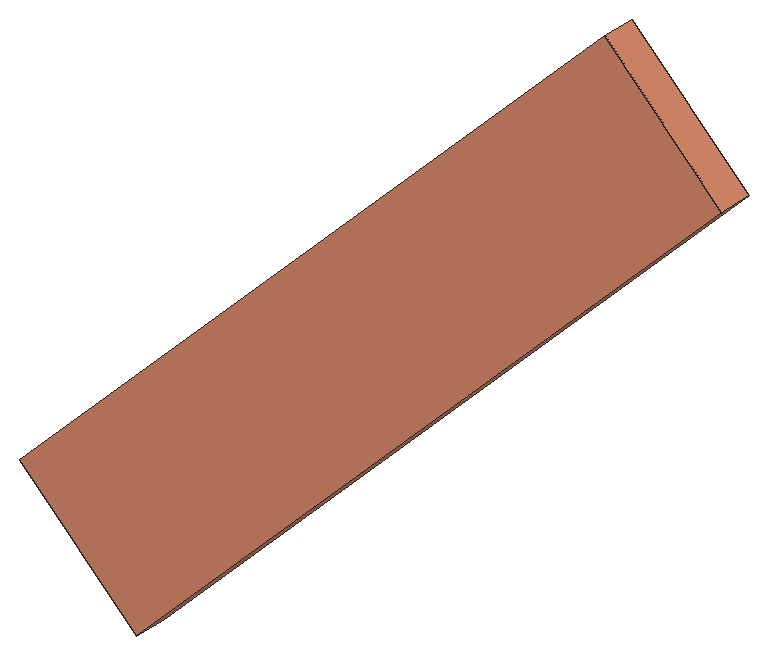
Revit family "盤サポート_角形鋼管(長方形)", category Generic Models, Revit 2023
Family settings
  Can host rebar = No
  Round Connector Dimension = Use Diameter
  Part Type = Normal
  Work Plane-Based = Yes
  Always vertical = No
  Cut with Voids When Loaded = No
  Maintain Annotation Orientation = No
  Shared = No
  Room Calculation Point = No
Parameters (values of type "100 x 20")
  高さ = 100 mm
  長辺 [instance] = 長さ  # 500 mm
  長さ [instance] = 500 mm
  部屋名 = ""
  角度 [instance] = 45.00°
  Default Elevation = 1219.2 mm
  構造マテリアル = E403_盤サポート
  幅 = 20 mm
Types (20, lengths in mm): name | 高さ | 幅
  50 x 20 | 50 | 20
  50 x 30 | 50 | 30
  60 x 30 | 60 | 30
  75 x 20 | 75 | 20
  75 x 45 | 75 | 45
  80 x 40 | 80 | 40
  90 x 40 | 90 | 40
  100 x 20 | 100 | 20
  100 x 40 | 100 | 40
  100 x 50 | 100 | 50
  125 x 40 | 125 | 40
  125 x 75 | 125 | 75
  150 x 100 | 150 | 100
  150 x 75 | 150 | 75
  150 x 80 | 150 | 80
  200 x 100 | 200 | 100
  200 x 150 | 200 | 150
  300 x 200 | 300 | 200
  350 x 150 | 350 | 150
  400 x 200 | 400 | 200
Reference planes
  plane 1 "中心(正面/背面)": y = 0
  plane 2: z = 0
  plane 3 "中心(左/右)": x = 0
Lines and regions (mm)
  reference lines
    curve 1: line (0, 0, 0) -> (848.528, 0, 848.528)
    curve 2: line (35.355, 0, -35.355) -> (-35.355, 0, 35.355)
    curve 3: line (388.909, 0, 318.198) -> (318.198, 0, 388.909)
Dimensions and locks
  equal spacing: curve 2, curve 1, curve 2
  "高さ": curve 2 to curve 2
  equal spacing: curve 3, curve 1, curve 3
  "高さ": curve 3 to curve 3
  "長さ": curve 2 to curve 3
  "角度": angle level to curve 1
  angle curve 2 to curve 1 = 90.00°
  angle curve 3 to curve 1 = 90.00°
  aligned and locked: level to plane 2
  aligned and locked: level to curve 1
  aligned and locked: plane 3 "中心(左/右)" to curve 1
  aligned and locked: nested 1 to curve 1
Nested families
  nested 1: "グレーチング_角形鋼管(長方形)" at (-35.355, 0, 35.355) x (0, 1, 0) z (0.7071, 0, -0.7071), 長さ <- "長さ", type "50 x 20"
    with 長辺 500 mm, 長さ 500 mm, 高さ 100 mm
Definition of nested family "グレーチング_角形鋼管(長方形)"
  Parameters (values of type "50 x 20")
    高さ = 50 mm
    長辺 [instance] = 長さ  # 1000 mm
    長さ [instance] = 1000 mm
    部屋名 = ""
    Default Elevation = 1219.2 mm
    構造マテリアル = none
    幅 = 20 mm
  Reference planes
    plane 1 "中心(正面/背面)": y = 0
    plane 2: z = 0
    plane 3 "中心(左/右)": x = 0
    plane 4: z = 25
    plane 5: z = 50
  Forms (mm)
    Extrusion 1, solid, material <- "構造マテリアル"
      sketch origin (0, 0, 0) x (1, 0, 0) y (0, 1, 0)
        loop
          line (-10, 1000) -> (-10, 0) -> (10, 0) -> (10, 1000) -> (-10, 1000)
      from 0 to 50
  Lines and regions (mm)
    reference lines
      curve 1: line (10, 1000, 0) -> (-10, 1000, 0)
      curve 2: line (10, 0, 0) -> (-10, 0, 0)
  Dimensions and locks
    "長さ": curve 1 to curve 2
    "幅": Extrusion 1 to Extrusion 1
    equal spacing: Extrusion 1, plane 3 "中心(左/右)", Extrusion 1
    "幅": curve 1 to curve 1
    equal spacing: curve 1, plane 3 "中心(左/右)", curve 1
    "幅": curve 2 to curve 2
    equal spacing: curve 2, plane 3 "中心(左/右)", curve 2
    equal spacing: plane 5, plane 4, level
    "高さ": plane 5 to level
    aligned and locked: level to plane 2
    aligned and locked: Extrusion 1 to curve 2
    aligned and locked: curve 1 to Extrusion 1
    aligned and locked: plane 5 to Extrusion 1
  Automatic sketch dimensions
    Extrusion 1 sketch curve to plane 3 "中心(左/右)" = 10 mm
    plane 3 "中心(左/右)" to Extrusion 1 sketch curve = 10 mm
    plane 1 "中心(正面/背面)" to Extrusion 1 sketch curve = 0 mm
    Extrusion 1 sketch curve to plane 1 "中心(正面/背面)" = 1000 mm
    plane 1 "中心(正面/背面)" to curve 2 = 0 mm
